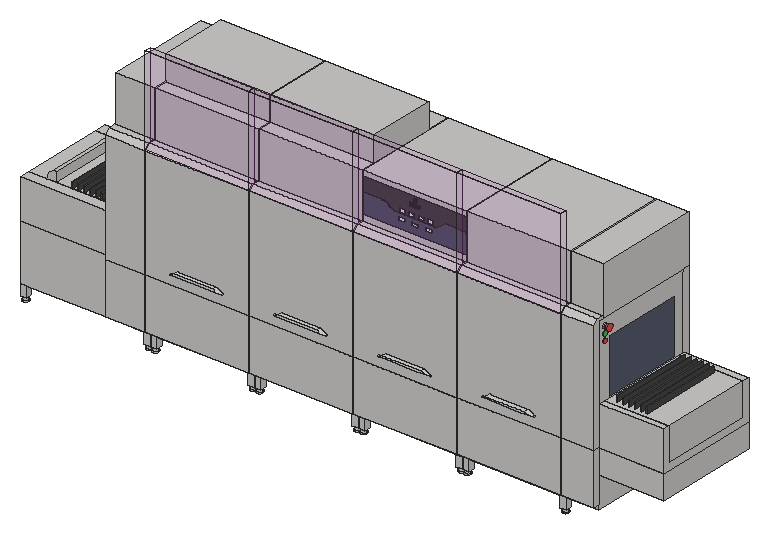
Revit family "QF_ELECTROLUXPROFESSIONAL_520046_EFTD064EL2U1D1M5ER385", category Attrezzature speciali, Revit 2020
Family settings
  Quota connettore circolare = Usa diametro
  Tipo di parte = Normale
  Basato su piano di lavoro = No
  Sempre verticale = Sì
  Taglio con vuoti quando caricato = No
  Condiviso = No
  Punto di calcolo locali = No
Parameters (values of type "Standard")
  Weight = 1158.00 kg
  Watts = 44700 W
  Volts = 380 V
  URL Manufacturer = "https://www.electroluxprofessional.com/"
  URL = "https://www.electroluxprofessional.com/"
  Steam Supply Size = 0 mm
  Steam Supply Minimum Pressure = 0.0 Pa
  Steam Supply Maximum Pressure = 0.0 Pa
  Steam Consumption per Hour = 0
  Show Logo [instance] = yes
  Refrigeration Suction Line Size = 0 mm
  Refrigeration Liquid Line Size = 0 mm
  Refrigerant Compressor Remote = yes
  Prospetto di default = 0 mm
  Produttore = "Electrolux Professional"
  Phase = 3
  Modello = "EFTD064EL2U1D1M5ER385"
  Length Actual = 5150 mm  # constant formula
  Item Number = "520046"
  Hot Water Size = 0 mm
  Height Actual = 1983 mm  # constant formula
  HP = "59.9 HP"
  Gas Size = 0 mm
  Gas KW = 0
  Gas Input Pressure = 0 W
  Direct Waste Size = 50.8 mm
  Descrizione = "FT, 2TANKS, 6400D/H, EL., 950MM LOADING, 1000MM UNLOADING, 1DRYER, 55MM CONVEYOR,ESD,R>L,380V50HZ3P"
  Depth Actual = 946 mm  # constant formula
  Cycle = 50 Hz
  Condensate Return Size = 0 mm
  Compressed Air Volume = 0.0 L/s
  Compressed Air Size = 0 mm
  Compressed Air Pressure = 0.0 Pa
  Cold Water Size = 0 mm
  Accessory = yes
Reference planes
  plane 1 "Centro (Fronte/Retro)": y = 0
  plane 2: z = 0
  plane 3 "Centro (Sinistra/Destra)": x = 0
  plane 4: z = 115
Forms (mm)
  Extrusion 1, solid, material "QF_Finishes_Stainless Steel"
    sketch origin (2282.404, 2, 1806.023) x (1, 0, 0) y (0, 0, 1)
      loop
        line (407.596, -163.023) -> (407.596, -183.023) -> (427.596, -183.023) -> (427.596, -163.023) -> (407.596, -163.023)
    from 0 to 2
  Extrusion 2, solid, material "QF_Finishes_Stainless Steel"
    sketch origin (-5.617, 22.464, 1290.159) x (0, 0, -1) y (0, 1, 0)
      loop
        circle (1102.159, -772.464) r 25
    from -9.383 to 5.617
  Extrusion 3, solid, material "QF_Finishes_Stainless Steel"
    sketch origin (2942.404, 2, 337.984) x (1, 0, 0) y (0, 0, 1)
      loop
        line (407.596, -163.023) -> (407.596, -183.023) -> (427.596, -183.023) -> (427.596, -163.023) -> (407.596, -163.023)
    from 0 to 2
  Extrusion 4, solid, material "QF_Finishes_Stainless Steel"
    sketch origin (347.841, 200.464, 109.383) x (1, 0, 0) y (0, 1, 0)
      loop
        circle (1102.159, -772.464) r 10
    from -9.383 to 5.617
Dimensions and locks
  plane 4 to level = 115 mm
  aligned and locked: level to plane 2
Nested families
  nested 1: "MODULO_CENTER_800_FAN" at (1383.563, -388.258, 0), type "MODULO_CENTER_800_FAN"
    with Show Logo yes, Show Clearance yes, R_L no, L_R yes
  nested 2: "MODULO_CENTER_800_FAN" at (2183.563, -388.258, 0), type "MODULO_CENTER_800_FAN"
    with Show Logo yes, Show Clearance yes, R_L no, L_R yes
  nested 3: "MODULO_CENTER_800" at (2983.563, -388.258, 0), type "MODULO_CENTER_800"
    with Show Logo yes, Show Clearance yes, R_L no, L_R yes
  nested 4: "MODULO_ENTRY_DISH_750" at (4591.437, -523.742, 0) x (-1, 0, 0) z (0, 0, 1), type "MODULO_ENTRY_DISH_750"
    with Show Logo yes, Show Clearance yes, R_L yes, L_R no
  nested 5: "MODULO_USCITA_DISH_1000" at (641.437, -523.742, 0) x (-1, 0, 0) z (0, 0, 1), type "MODULO_USCITA_DISH_1000"
    with Show Logo yes, Show Clearance yes, R_L no, L_R yes
  nested 6: "Piedino_Square_115H" at (23.5, -838.5, 0), type "Piedino_Square_115H"
  nested 7: "Piedino_Square_115H" at (23.5, -73.5, 0), type "Piedino_Square_115H"
  nested 8: "Piedino_Square_115H" at (976.5, -838.5, 0), type "Piedino_Square_115H"
  nested 9: "Piedino_Square_115H" at (976.5, -73.5, 0), type "Piedino_Square_115H"
  nested 10: "Piedino_Square_115H" at (1023.5, -838.5, 0), type "Piedino_Square_115H"
  nested 11: "Piedino_Square_115H" at (1023.5, -73.5, 0), type "Piedino_Square_115H"
  nested 12: "Piedino_Square_115H" at (1776.5, -838.5, 0), type "Piedino_Square_115H"
  nested 13: "Piedino_Square_115H" at (1776.5, -73.5, 0), type "Piedino_Square_115H"
  nested 14: "Piedino_Square_115H" at (1823.5, -838.5, 0) x (-1, 0, 0) z (0, 0, 1), type "Piedino_Square_115H"
  nested 15: "Piedino_Square_115H" at (1823.5, -73.5, 0) x (-1, 0, 0) z (0, 0, 1), type "Piedino_Square_115H"
  nested 16: "Piedino_Square_115H" at (2576.5, -838.5, 0) x (-1, 0, 0) z (0, 0, 1), type "Piedino_Square_115H"
  nested 17: "Piedino_Square_115H" at (2576.5, -73.5, 0) x (-1, 0, 0) z (0, 0, 1), type "Piedino_Square_115H"
  nested 18: "Piedino_Square_115H" at (2623.5, -838.5, 0), type "Piedino_Square_115H"
  nested 19: "Piedino_Square_115H" at (2623.5, -73.5, 0), type "Piedino_Square_115H"
  nested 20: "Piedino_Square_115H" at (3376.5, -838.5, 0), type "Piedino_Square_115H"
  nested 21: "Piedino_Square_115H" at (3376.5, -73.5, 0), type "Piedino_Square_115H"
  nested 22: "MANIGLIA_FLIGHT_400" at (3000, -912, 639.28) x (1, 0, 0) z (0, -1, 0), type "MANIGLIA_FLIGHT_400"
  nested 23: "MANIGLIA_FLIGHT_400" at (2200, -912, 639.28) x (1, 0, 0) z (0, -1, 0), type "MANIGLIA_FLIGHT_400"
  nested 24: "MANIGLIA_FLIGHT_400" at (1400, -912, 639.28) x (1, 0, 0) z (0, -1, 0), type "MANIGLIA_FLIGHT_400"
  nested 25: "MODULO_CENTER_800" at (3816.437, -388.258, 0) x (-1, 0, 0) z (0, 0, 1), type "MODULO_CENTER_800"
    with Show Logo yes, Show Clearance yes, R_L no, L_R yes
  nested 26: "Piedino_Square_115H" at (4176.5, -838.5, 0) x (-1, 0, 0) z (0, 0, 1), type "Piedino_Square_115H"
  nested 27: "Piedino_Square_115H" at (4176.5, -73.5, 0) x (-1, 0, 0) z (0, 0, 1), type "Piedino_Square_115H"
  nested 28: "Piedino_Square_115H" at (3423.5, -838.5, 0) x (-1, 0, 0) z (0, 0, 1), type "Piedino_Square_115H"
  nested 29: "Piedino_Square_115H" at (3423.5, -73.5, 0) x (-1, 0, 0) z (0, 0, 1), type "Piedino_Square_115H"
  nested 30: "MANIGLIA_FLIGHT_400" at (3800, -912, 639.28) x (-1, 0, 0) z (0, -1, 0), type "MANIGLIA_FLIGHT_400"
  nested 31: "Schermo_Flight_800" at (3000, -815, 1594.452) x (1, 0, 0) z (0, -1, 0), type "Schermo_Flight_800"
  nested 32: "ELX_LOGO_WORDS_WHITE" at (3000, -816.6, 1684.452) x (1, 0, 0) z (0, -1, 0), Show Logo <- "Show Logo", visible <- "Show Logo", type "ELX_LOGO_WORDS_WHITE"
    with Show Logo yes
  nested 33: "ELX_LOGO_MONO_SMALL_WHITE" at (2990.08, -816.6, 1670.452) x (-1, 0, 0) z (0, -1, 0), Show Logo <- "Show Logo", visible <- "Show Logo", type "ELX_LOGO_MONO_SMALL_WHITE"
    with Show Logo yes
Connectors
  electrical at (2700, 2, 1633)
    settings: on Extrusion 1, index 69, voltage 0 V, apparent load 0 VA, apparent load phase1 0 VA, apparent load phase2 0 VA, apparent load phase3 0 VA, power factor 1, load classification "Altro", number of poles 1, system type 30, power factor state 1, is connector primary yes, connector utility no, sub classification motor no, connector description "EI"
  piping at (-15, -750, 188), diameter 50
    settings: on Extrusion 2, index 70, connector inside diameter 609.6 mm, connector length 0 mm, flow factor 0, pipe flow 0.0 L/s, pressure drop 0.0 Pa, fitting loss kfactor 0, connector angle 0.00°, fixture units 0, engagement length 0 mm, angle of deflection 0.00°, flow configuration 0, flow direction 0, fitting loss method 0, system type 29, joint type 0, gender type 0, connector reference index -1, connector utility 0, adjustable connector no, is connector primary yes, connector description "D"
  electrical at (3360, 2, 164.961)
    settings: on Extrusion 3, index 71, voltage 0 V, apparent load 0 VA, apparent load phase1 0 VA, apparent load phase2 0 VA, apparent load phase3 0 VA, power factor 1, load classification "Altro", number of poles 1, system type 30, power factor state 1, is connector primary no, connector utility no, sub classification motor no, connector description "EQ"
  piping at (1450, -572, 100), diameter 19.1
    settings: on Extrusion 4, index 72, connector inside diameter 609.6 mm, connector length 0 mm, flow factor 0, pipe flow 0.0 L/s, pressure drop 0.0 Pa, fitting loss kfactor 0, connector angle 0.00°, fixture units 0, engagement length 0 mm, angle of deflection 0.00°, flow configuration 0, flow direction 0, fitting loss method 0, system type 29, joint type 0, gender type 0, connector reference index -1, connector utility 0, adjustable connector no, is connector primary no, connector description "HWI/CWI"
Definition of nested family "MODULO_CENTER_800_FAN"
  Parameters (values of type "MODULO_CENTER_800_FAN")
    URL = "http://professional.electrolux.com"
    Show Logo [instance] = yes
    R_L [instance] = not(L_R)  # no
    Default Elevation = 0 mm
    Manufacturer = "Electrolux"
    Model = "ESR10E5"
    Length Actual = 800 mm
    Show Clearance [instance] = yes
    L_R [instance] = yes
    Height Actual = 1792 mm
    Description = "SINGLE RINSE RT, 100R/H, ELECTRIC 50HZ"
    Depth Actual = 912 mm
  Reference planes
    plane 1 "Center X": y = -67.742
    plane 2: z = 0
    plane 3 "LEFT": x = -383.563
    plane 4 "RIGHT": x = 416.437
    plane 5 "BACK": y = 388.258
    plane 6 "FEET": z = 115
    plane 7: z = 2092
    plane 8 "TOP": z = 1792
    plane 9 "FRONT": y = -523.742
    plane 10 "Left/Right": x = 16.437
    plane 11 "TopVent": z = 1983
  Forms (mm)
    Extrusion 1, solid
      sketch origin (416.437, 479.936, 4000) x (0, 1, 0) y (0, 0, 1)
        loop
          line (-91.678, -2208) -> (-906.678, -2208) -> (-906.678, -2580) -> (-91.678, -2580) -> (-91.678, -2208)
      from -800 to 0
    Extrusion 2, solid
      sketch origin (-383.563, 437.565, 3910) x (0, 1, 0) y (0, 0, 1)
        loop
          line (-99.307, -2490) -> (-911.307, -2490) -> (-911.307, -3552) -> (-99.307, -3552) -> (-99.307, -2490)
      from 800 to 0
    Extrusion 3, solid
      sketch origin (416.437, 479.936, 4299) x (0, 1, 0) y (0, 0, 1)
        loop
          line (-278.21, -2316) -> (-803.678, -2316) -> (-803.678, -2507) -> (-278.21, -2507) -> (-278.21, -2316)
      from -800 to 0
    Extrusion 4, solid
      sketch origin (16.437, 0, 1.5) x (0, 0, 1) y (0, -1, 0)
        loop
          line (356.5, -338.258) -> (356.5, 473.742) -> (113.5, 473.742) -> (113.5, -338.258) -> (356.5, -338.258)
      from 400 to -400
    Extrusion 5, solid
      sketch origin (16.437, 0, 0) x (0, 0, 1) y (0, -1, 0)
        loop
          line (1420, -338.258) -> (545, -338.258) -> (545, -388.258) -> (1420, -388.258) -> (1420, -338.258)
      from -400 to 400
    Extrusion 6, solid
      sketch origin (16.437, 0, 0) x (0, 0, 1) y (0, -1, 0)
        loop
          line (545, -388.258) -> (545, -338.258) -> (154, -338.258) -> (154, -388.258) -> (545, -388.258)
      from -400 to 400
    Extrusion 7, solid
      sketch origin (16.437, -882.484, -150) x (0, -1, 0) y (0, 0, 1)
        loop
          line (-358.742, 304) -> (-358.742, 695) -> (-408.742, 695) -> (-408.742, 304) -> (-358.742, 304)
      from -400 to 400
    Extrusion 8, solid
      sketch origin (16.437, -882.484, -151) x (0, -1, 0) y (0, 0, 1)
        loop
          line (-408.742, 1571) -> (-408.742, 696) -> (-358.742, 696) -> (-358.742, 1556) -> (-395.742, 1593) -> (-443.742, 1593) -> (-443.742, 1571) -> (-408.742, 1571)
      from -400 to 400
    Extrusion 9, solid, visible <- "Show Clearance"
      sketch origin (16.437, -882.484, 452) x (0, -1, 0) y (0, 0, 1)
        loop
          line (-408.742, 1640) -> (-408.742, 953.624) -> (-358.742, 953.624) -> (-358.742, 1640) -> (-408.742, 1640)
      from -400 to 400
  Dimensions and locks
    plane 3 "LEFT" to plane 4 "RIGHT" = 800 mm
    plane 5 "BACK" to plane 1 "Center X" to plane 9 "FRONT" = 456 mm, 456 mm
    plane 6 "FEET" to level = 115 mm  (x2)
    plane 6 "FEET" to plane 8 "TOP" = 1677 mm
    plane 5 "BACK" to plane 9 "FRONT" = 912 mm  (x2)
    plane 4 "RIGHT" to plane 3 "LEFT" = 800 mm
    plane 9 "FRONT" to plane 5 "BACK" = 912 mm
    level to plane 8 "TOP" = 1792 mm  (x2)
    plane 7 to level = 2092 mm
    plane 11 "TopVent" to plane 2 = 1983 mm
    plane 7 to plane 2 = 2092 mm
    Extrusion 2 to level = 1420 mm
    Extrusion 8 to level = 1442 mm
    plane 11 "TopVent" to level = 1983 mm
    aligned and locked: level to plane 2
Definition of nested family "MODULO_CENTER_800"
  Parameters (values of type "MODULO_CENTER_800")
    URL = "http://professional.electrolux.com"
    Show Logo [instance] = yes
    R_L [instance] = not(L_R)  # no
    Default Elevation = 0 mm
    Manufacturer = "Electrolux"
    Model = "ESR10E5"
    Length Actual = 800 mm
    Show Clearance [instance] = yes
    L_R [instance] = yes
    Height Actual = 1792 mm
    Description = "SINGLE RINSE RT, 100R/H, ELECTRIC 50HZ"
    Depth Actual = 912 mm
  Reference planes
    plane 1 "Center X": y = -67.742
    plane 2: z = 0
    plane 3 "LEFT": x = -383.563
    plane 4 "RIGHT": x = 416.437
    plane 5 "BACK": y = 388.258
    plane 6 "FEET": z = 115
    plane 7: z = 2092
    plane 8 "TOP": z = 1792
    plane 9 "FRONT": y = -523.742
    plane 10 "Left/Right": x = 16.437
  Forms (mm)
    Extrusion 1, solid
      sketch origin (416.437, 479.936, 4000) x (0, 1, 0) y (0, 0, 1)
        loop
          line (-91.678, -2208) -> (-906.678, -2208) -> (-906.678, -2580) -> (-91.678, -2580) -> (-91.678, -2208)
      from -800 to 0
    Extrusion 2, solid
      sketch origin (-383.563, 437.565, 3915) x (0, 1, 0) y (0, 0, 1)
        loop
          line (-99.307, -2495) -> (-911.307, -2495) -> (-911.307, -3557) -> (-99.307, -3557) -> (-99.307, -2495)
      from 800 to 0
    Extrusion 3, solid
      sketch origin (16.437, 0, 1.5) x (0, 0, 1) y (0, -1, 0)
        loop
          line (356.5, -338.258) -> (356.5, 473.742) -> (113.5, 473.742) -> (113.5, -338.258) -> (356.5, -338.258)
      from 400 to -400
    Extrusion 4, solid
      sketch origin (16.437, 0, 0) x (0, 0, 1) y (0, -1, 0)
        loop
          line (1420, -338.258) -> (545, -338.258) -> (545, -388.258) -> (1420, -388.258) -> (1420, -338.258)
      from -400 to 400
    Extrusion 5, solid
      sketch origin (16.437, 0, 0) x (0, 0, 1) y (0, -1, 0)
        loop
          line (545, -388.258) -> (545, -338.258) -> (154, -338.258) -> (154, -388.258) -> (545, -388.258)
      from -400 to 400
    Extrusion 6, solid
      sketch origin (16.437, -882.484, -150) x (0, -1, 0) y (0, 0, 1)
        loop
          line (-358.742, 304) -> (-358.742, 695) -> (-408.742, 695) -> (-408.742, 304) -> (-358.742, 304)
      from -400 to 400
    Extrusion 7, solid
      sketch origin (16.437, -882.484, -151) x (0, -1, 0) y (0, 0, 1)
        loop
          line (-408.742, 1571) -> (-408.742, 696) -> (-358.742, 696) -> (-358.742, 1556) -> (-395.742, 1593) -> (-443.742, 1593) -> (-443.742, 1571) -> (-408.742, 1571)
      from -400 to 400
    Extrusion 8, solid, visible <- "Show Clearance"
      sketch origin (16.437, -882.484, 452) x (0, -1, 0) y (0, 0, 1)
        loop
          line (-408.742, 1640) -> (-408.742, 953.624) -> (-358.742, 953.624) -> (-358.742, 1640) -> (-408.742, 1640)
      from -400 to 400
  Dimensions and locks
    plane 3 "LEFT" to plane 4 "RIGHT" = 800 mm
    plane 5 "BACK" to plane 1 "Center X" to plane 9 "FRONT" = 456 mm, 456 mm
    plane 6 "FEET" to level = 115 mm  (x2)
    plane 6 "FEET" to plane 8 "TOP" = 1677 mm
    plane 5 "BACK" to plane 9 "FRONT" = 912 mm  (x2)
    plane 4 "RIGHT" to plane 3 "LEFT" = 800 mm
    plane 9 "FRONT" to plane 5 "BACK" = 912 mm
    level to plane 8 "TOP" = 1792 mm  (x2)
    plane 7 to level = 2092 mm
    plane 7 to plane 2 = 2092 mm
    Extrusion 2 to level = 1420 mm
    Extrusion 7 to level = 1442 mm
    aligned and locked: level to plane 2
Definition of nested family "MODULO_ENTRY_DISH_750"
  Parameters (values of type "MODULO_ENTRY_DISH_750")
    URL = "http://professional.electrolux.com"
    Show Logo [instance] = yes
    R_L [instance] = not(L_R)  # no
    Default Elevation = 0 mm
    Manufacturer = "Electrolux"
    Model = "ESR10E5"
    Length Actual = 800 mm
    Show Clearance [instance] = yes
    L_R [instance] = yes
    Height Actual = 1792 mm
    Description = "SINGLE RINSE RT, 100R/H, ELECTRIC 50HZ"
    Depth Actual = 912 mm
  Reference planes
    plane 1 "Center (Front/Back)": y = -67.742
    plane 2: z = 0
    plane 3 "LEFT": x = -358.563
    plane 4 "RIGHT": x = 391.437
    plane 5 "BACK": y = 388.258
    plane 6 "FRONT": y = -523.742
    plane 7 "Left/Right": x = 16.437
    plane 8 "BUTTONS": y = -427.742
    plane 9: z = 115
    plane 10 "2": y = 292.258
  Forms (mm)
    Extrusion 1, solid, visible <- "L_R"
      sketch origin (391.437, 479.936, 4000) x (0, 1, 0) y (0, 0, 1)
        loop
          line (-91.678, -2208) -> (-906.678, -2208) -> (-906.678, -2580) -> (-91.678, -2580) -> (-91.678, -2208)
      from -250 to 0
    Extrusion 2, solid
      sketch origin (-358.563, 437.565, 3910) x (0, 1, 0) y (0, 0, 1)
        loop
          line (-99.307, -2490) -> (-911.307, -2490) -> (-911.307, -3552) -> (-99.307, -3552) -> (-99.307, -2490)
      from 750 to 500
    Extrusion 3, solid
      sketch origin (-358.563, 437.565, 3910) x (0, 1, 0) y (0, 0, 1)
        loop
          line (-99.307, -3365) -> (-99.307, -3060) -> (-149.307, -3060) -> (-149.307, -3315) -> (-861.307, -3315) -> (-861.307, -3060) -> (-911.307, -3060) -> (-911.307, -3365) -> (-99.307, -3365)
      from 500 to 0
    Extrusion 4, solid
      sketch origin (16.437, 0, -4.987) x (0, 0, 1) y (0, -1, 0)
        loop
          line (362.987, -338.258) -> (362.987, 473.742) -> (119.987, 473.742) -> (119.987, -338.258) -> (362.987, -338.258)
      from 375 to 125
    Extrusion 5, solid, visible <- "L_R"
      sketch origin (16.437, 0, 0) x (0, 0, 1) y (0, -1, 0)
        loop
          line (1420, -338.258) -> (545, -338.258) -> (545, -388.258) -> (1420, -388.258) -> (1420, -338.258)
      from 125 to 375
    Extrusion 6, solid
      sketch origin (16.437, 0, 0) x (0, 0, 1) y (0, -1, 0)
        loop
          line (545, -388.258) -> (545, -338.258) -> (154, -338.258) -> (154, -388.258) -> (545, -388.258)
      from 125 to 375
    Extrusion 7, solid
      sketch origin (-358.563, 437.565, 3607.258) x (0, 1, 0) y (0, 0, 1)
        loop
          line (-99.307, -3249.258) -> (-99.307, -3062.258) -> (-911.307, -3062.258) -> (-911.307, -3249.258) -> (-99.307, -3249.258)
      from 500 to 0
    Extrusion 8, solid
      sketch origin (-358.563, 437.565, 4000) x (0, 1, 0) y (0, 0, 1)
        loop
          line (-149.307, -3150) -> (-861.307, -3150) -> (-861.307, -3405) -> (-149.307, -3405) -> (-149.307, -3150)
      from 0 to 500
    Extrusion 9, solid
      sketch origin (266.437, -882.484, -150) x (0, -1, 0) y (0, 0, 1)
        loop
          line (-358.742, 304) -> (-358.742, 695) -> (-408.742, 695) -> (-408.742, 304) -> (-358.742, 304)
      from -125 to 125
    Extrusion 10, solid, visible <- "L_R"
      sketch origin (266.437, -882.484, -151) x (0, -1, 0) y (0, 0, 1)
        loop
          line (-408.742, 1571) -> (-408.742, 696) -> (-358.742, 696) -> (-358.742, 1556) -> (-395.742, 1593) -> (-443.742, 1593) -> (-443.742, 1571) -> (-408.742, 1571)
      from -125 to 125
    Extrusion 11, solid
      sketch origin (-358.563, 437.565, 4000) x (0, 1, 0) y (0, 0, 1)
        loop
          line (-199.307, -2725.701) -> (-811.307, -2725.701) -> (-811.307, -3137.701) -> (-199.307, -3137.701) -> (-199.307, -2725.701)
      from 495.458 to 500
    Extrusion 12, solid, visible <- "R_L"
      sketch origin (266.437, 747, -151) x (0, 1, 0) y (0, 0, -1)
        loop
          line (-408.742, -1571) -> (-443.742, -1571) -> (-443.742, -1593) -> (-395.742, -1593) -> (-358.742, -1556) -> (-358.742, -696) -> (-408.742, -696) -> (-408.742, -1571)
      from -125 to 125
    Extrusion 13, solid, visible <- "R_L"
      sketch origin (16.437, -135.484, 0) x (0, 0, 1) y (0, -1, 0)
        loop
          line (1420, 338.258) -> (1420, 388.258) -> (545, 388.258) -> (545, 338.258) -> (1420, 338.258)
      from 125 to 375
    Extrusion 14, solid, visible <- "R_L"
      sketch origin (391.437, -615.42, 4000) x (0, -1, 0) y (0, 0, -1)
        loop
          line (-91.678, 2208) -> (-91.678, 2580) -> (-906.678, 2580) -> (-906.678, 2208) -> (-91.678, 2208)
      from -250 to 0
    Extrusion 15, solid
      sketch origin (-191.477, -192.742, -3) x (-1, 0, 0) y (0, 0, 1)
        loop
          line (-26.676, 853) -> (-26.676, 898) -> (-36.676, 898) -> (-36.676, 853) -> (-26.676, 853)
      from -196 to 446
    Extrusion 16, solid
      sketch origin (-146.477, -192.742, -3) x (-1, 0, 0) y (0, 0, 1)
        loop
          line (-26.676, 853) -> (-26.676, 898) -> (-36.676, 898) -> (-36.676, 853) -> (-26.676, 853)
      from -196 to 446
    Extrusion 17, solid
      sketch origin (-101.477, -192.742, -3) x (-1, 0, 0) y (0, 0, 1)
        loop
          line (-26.676, 853) -> (-26.676, 898) -> (-36.676, 898) -> (-36.676, 853) -> (-26.676, 853)
      from -196 to 446
    Extrusion 18, solid
      sketch origin (-56.477, -192.742, -3) x (-1, 0, 0) y (0, 0, 1)
        loop
          line (-26.676, 853) -> (-26.676, 898) -> (-36.676, 898) -> (-36.676, 853) -> (-26.676, 853)
      from -196 to 446
    Extrusion 19, solid
      sketch origin (-11.477, -192.742, -3) x (-1, 0, 0) y (0, 0, 1)
        loop
          line (-26.676, 853) -> (-26.676, 898) -> (-36.676, 898) -> (-36.676, 853) -> (-26.676, 853)
      from -196 to 446
    Extrusion 20, solid
      sketch origin (33.523, -192.742, -3) x (-1, 0, 0) y (0, 0, 1)
        loop
          line (-26.676, 853) -> (-26.676, 898) -> (-36.676, 898) -> (-36.676, 853) -> (-26.676, 853)
      from -196 to 446
  Dimensions and locks
    plane 3 "LEFT" to plane 4 "RIGHT" = 750 mm
    plane 5 "BACK" to plane 1 "Center (Front/Back)" to plane 6 "FRONT" = 456 mm, 456 mm
    plane 5 "BACK" to plane 6 "FRONT" = 912 mm  (x2)
    plane 4 "RIGHT" to plane 3 "LEFT" = 750 mm  (x2)
    plane 6 "FRONT" to plane 5 "BACK" = 912 mm
    plane 9 to level = 115 mm
    Extrusion 1 to level = 1792 mm
    Extrusion 3 to level = 850 mm
    aligned and locked: level to plane 2
  Nested families
    nested 1: "BOTTONE_RED_STOP" at (141.437, -427.742, 1266.906) x (0, -1, 0) z (-1, 0, 0), visible <- "L_R", type "BOTTONE_RED_STOP"
    nested 2: "BOTTONE_EMERGENCY_STOP" at (141.437, -427.742, 1370) x (0, -1, 0) z (-1, 0, 0), visible <- "L_R", type "BOTTONE_EMERGENCY_STOP"
    nested 3: "BOTTONE_GREEN_START" at (141.437, -427.742, 1316.906) x (0, -1, 0) z (-1, 0, 0), visible <- "L_R", type "BOTTONE_GREEN_START"
    nested 4: "BOTTONE_RED_STOP" at (141.437, 292.258, 1267.906) x (0, 1, 0) z (-1, 0, 0), visible <- "R_L", type "BOTTONE_RED_STOP"
    nested 5: "BOTTONE_EMERGENCY_STOP" at (141.437, 292.258, 1371) x (0, 1, 0) z (-1, 0, 0), visible <- "R_L", type "BOTTONE_EMERGENCY_STOP"
    nested 6: "BOTTONE_GREEN_START" at (141.437, 292.258, 1317.906) x (0, 1, 0) z (-1, 0, 0), visible <- "R_L", type "BOTTONE_GREEN_START"
  Definition of nested family "BOTTONE_RED_STOP"
    Parameters (values of type "BOTTONE_RED_STOP")
      Default Elevation = 1219.2 mm
    Reference planes
      plane 1 "Centro (Fronte/Retro)": y = 0
      plane 2: z = 0
      plane 3 "Centro (Sinistra/Destra)": x = 0
    Forms (mm)
      Extrusion 1, solid
        sketch origin (0, 0, 0) x (1, 0, 0) y (0, 1, 0)
          loop
            line (-1219.2, 1219.2) -> (-1219.2, -1219.2) -> (1219.2, -1219.2) -> (1219.2, 1219.2) -> (-1219.2, 1219.2)
        from 0 to -304.8
      Extrusion 2, solid
        sketch origin (-367.513, 69.533, 15) x (-1, 0, 0) y (0, 1, 0)
          loop
            circle (-367.513, -69.533) r 15
        from 0 to 15
    Dimensions and locks
      aligned and locked: plane 2 to Extrusion 1
      aligned and locked: level to Extrusion 1
  Definition of nested family "BOTTONE_EMERGENCY_STOP"
    Parameters
      Default Elevation = 1219.2 mm
    Reference planes
      plane 1 "Centro (Fronte/Retro)": y = 0
      plane 2: z = 0
      plane 3 "Centro (Sinistra/Destra)": x = 0
    Forms (mm)
      Extrusion 1, solid
        sketch origin (0, 0, 0) x (1, 0, 0) y (0, 1, 0)
          loop
            line (-1219.2, 1219.2) -> (-1219.2, -1219.2) -> (1219.2, -1219.2) -> (1219.2, 1219.2) -> (-1219.2, 1219.2)
        from 0 to -304.8
      Extrusion 2, solid
        sketch origin (0, 0, 0) x (1, 0, 0) y (0, 1, 0)
          loop
            circle (0, 0) r 15
        from 0 to 20.273
      Blend 3, solid
        base sketch origin (-49.801, 0, 0) x (1, 0, 0) y (0, 1, 0)
          loop
            circle (49.801, 0) r 15
        top sketch origin (-49.801, 0, 0) x (1, 0, 0) y (0, 1, 0)
          loop
            circle (49.801, 0) r 25
        from 20.273 to 47.605
    Dimensions and locks
      aligned and locked: plane 2 to Extrusion 1
      aligned and locked: level to Extrusion 1
  Definition of nested family "BOTTONE_GREEN_START"
    Parameters (values of type "BOTTONE_GREEN_START")
      Default Elevation = 1219.2 mm
    Reference planes
      plane 1 "Centro (Fronte/Retro)": y = 0
      plane 2: z = 0
      plane 3 "Centro (Sinistra/Destra)": x = 0
    Forms (mm)
      Extrusion 1, solid
        sketch origin (0, 0, 0) x (1, 0, 0) y (0, 1, 0)
          loop
            line (-1219.2, 1219.2) -> (-1219.2, -1219.2) -> (1219.2, -1219.2) -> (1219.2, 1219.2) -> (-1219.2, 1219.2)
        from 0 to -304.8
      Extrusion 2, solid
        sketch origin (-367.513, 69.533, 15) x (-1, 0, 0) y (0, 1, 0)
          loop
            circle (-367.513, -69.533) r 15
        from 0 to 15
    Dimensions and locks
      aligned and locked: plane 2 to Extrusion 1
      aligned and locked: level to Extrusion 1
Definition of nested family "MODULO_USCITA_DISH_1000"
  Parameters (values of type "MODULO_USCITA_DISH_1000")
    URL = "http://professional.electrolux.com"
    Show Logo [instance] = yes
    R_L [instance] = not(L_R)  # yes
    Default Elevation = 0 mm
    Manufacturer = "Electrolux"
    Model = "ESR10E5"
    Length Actual = 800 mm
    Show Clearance [instance] = yes
    L_R [instance] = no
    Height Actual = 1792 mm
    Description = "SINGLE RINSE RT, 100R/H, ELECTRIC 50HZ"
    Depth Actual = 912 mm
  Reference planes
    plane 1 "Center (Front/Back)": y = -67.742
    plane 2: z = 0
    plane 3 "LEFT": x = -358.563
    plane 4 "BACK": y = 388.258
    plane 5 "FEET": z = 115
    plane 6 "TOP": z = 1792
    plane 7 "FRONT": y = -523.742
    plane 8 "Left/Right": x = 16.437
    plane 9: x = -358.563
    plane 10: y = -427.742
    plane 11 "RIGHT": x = 641.437
  Forms (mm)
    Extrusion 1, solid, visible <- "R_L"
      sketch origin (-358.563, 479.936, 4003) x (0, 1, 0) y (0, 0, -1)
        loop
          line (-91.678, 2211) -> (-91.678, 2583) -> (-906.678, 2583) -> (-906.678, 2211) -> (-91.678, 2211)
      from -300 to 0
    Extrusion 2, solid
      sketch origin (-358.563, 437.565, 4003) x (0, 1, 0) y (0, 0, 1)
        loop
          line (-99.307, -3458) -> (-911.307, -3458) -> (-911.307, -3888) -> (-99.307, -3888) -> (-99.307, -3458)
      from 300 to 0
    Extrusion 3, solid
      sketch origin (-358.563, 479.936, 4003) x (0, 1, 0) y (0, 0, -1)
        loop
          line (-141.678, 2583) -> (-141.678, 3458) -> (-953.678, 3458) -> (-953.678, 2583) -> (-141.678, 2583)
      from -300 to 0
    Extrusion 4, solid
      sketch origin (391.437, 437.565, 3913) x (0, 1, 0) y (0, 0, -1)
        loop
          line (-99.307, 3368) -> (-911.307, 3368) -> (-911.307, 3063) -> (-826.307, 3063) -> (-826.307, 3318) -> (-184.307, 3318) -> (-184.307, 3063) -> (-99.307, 3063) -> (-99.307, 3368)
      from 450 to -250
    Extrusion 5, solid, visible <- "R_L"
      sketch origin (16.437, 0, 3) x (0, 0, 1) y (0, 1, 0)
        loop
          line (1417, 338.258) -> (1417, 388.258) -> (542, 388.258) -> (542, 338.258) -> (1417, 338.258)
      from 75 to 375
    Extrusion 6, solid
      sketch origin (16.437, 0, 3) x (0, 0, 1) y (0, 1, 0)
        loop
          line (542, 388.258) -> (151, 388.258) -> (151, 338.258) -> (542, 338.258) -> (542, 388.258)
      from 75 to 375
    Extrusion 7, solid
      sketch origin (391.437, 437.565, 3610.258) x (0, 1, 0) y (0, 0, -1)
        loop
          line (-99.307, 3495.258) -> (-911.307, 3495.258) -> (-911.307, 3065.258) -> (-99.307, 3065.258) -> (-99.307, 3495.258)
      from 450 to -250
    Extrusion 8, solid
      sketch origin (641.437, 0, 3) x (0, 1, 0) y (0, 0, 1)
        loop
          line (253.258, 847) -> (-388.742, 847) -> (-388.742, 592) -> (253.258, 592) -> (253.258, 847)
      from 0 to -700
    Extrusion 9, solid
      sketch origin (-358.563, 437.565, 3928) x (0, 1, 0) y (0, 0, 1)
        loop
          line (-811.307, -3065.701) -> (-199.307, -3065.701) -> (-199.307, -2653.701) -> (-811.307, -2653.701) -> (-811.307, -3065.701)
      from 300 to 304.77
    Extrusion 10, solid
      sketch origin (-208.563, -115, -147) x (0, 1, 0) y (0, 0, 1)
        loop
          line (-358.742, 301) -> (-358.742, 692) -> (-408.742, 692) -> (-408.742, 301) -> (-358.742, 301)
      from -150 to 150
    Extrusion 11, solid, visible <- "R_L"
      sketch origin (-208.563, -882.484, -151) x (0, -1, 0) y (0, 0, 1)
        loop
          line (-408.742, 1571) -> (-408.742, 696) -> (-358.742, 696) -> (-358.742, 1556) -> (-395.742, 1593) -> (-443.742, 1593) -> (-443.742, 1571) -> (-408.742, 1571)
      from -150 to 150
    Extrusion 12, solid
      sketch origin (-39.574, -192.742, -3) x (-1, 0, 0) y (0, 0, 1)
        loop
          line (-26.676, 853) -> (-26.676, 898) -> (-36.676, 898) -> (-36.676, 853) -> (-26.676, 853)
      from -196 to 446
    Extrusion 13, solid
      sketch origin (5.426, -192.742, -3) x (-1, 0, 0) y (0, 0, 1)
        loop
          line (-26.676, 853) -> (-26.676, 898) -> (-36.676, 898) -> (-36.676, 853) -> (-26.676, 853)
      from -196 to 446
    Extrusion 14, solid
      sketch origin (50.426, -192.742, -3) x (-1, 0, 0) y (0, 0, 1)
        loop
          line (-26.676, 853) -> (-26.676, 898) -> (-36.676, 898) -> (-36.676, 853) -> (-26.676, 853)
      from -196 to 446
    Extrusion 15, solid
      sketch origin (95.426, -192.742, -3) x (-1, 0, 0) y (0, 0, 1)
        loop
          line (-26.676, 853) -> (-26.676, 898) -> (-36.676, 898) -> (-36.676, 853) -> (-26.676, 853)
      from -196 to 446
    Extrusion 16, solid
      sketch origin (140.426, -192.742, -3) x (-1, 0, 0) y (0, 0, 1)
        loop
          line (-26.676, 853) -> (-26.676, 898) -> (-36.676, 898) -> (-36.676, 853) -> (-26.676, 853)
      from -196 to 446
    Extrusion 17, solid
      sketch origin (185.426, -192.742, -3) x (-1, 0, 0) y (0, 0, 1)
        loop
          line (-26.676, 853) -> (-26.676, 898) -> (-36.676, 898) -> (-36.676, 853) -> (-26.676, 853)
      from -196 to 446
    Extrusion 18, solid
      sketch origin (230.426, -192.742, -3) x (-1, 0, 0) y (0, 0, 1)
        loop
          line (-26.676, 853) -> (-26.676, 898) -> (-36.676, 898) -> (-36.676, 853) -> (-26.676, 853)
      from -196 to 446
    Extrusion 19, solid
      sketch origin (275.426, -192.742, -3) x (-1, 0, 0) y (0, 0, 1)
        loop
          line (-26.676, 853) -> (-26.676, 898) -> (-36.676, 898) -> (-36.676, 853) -> (-26.676, 853)
      from -196 to 446
    Revolve 20, solid
      sketch origin (0, 0, 850) x (1, 0, 0) y (0, 1, 0)
        loop
          line (430.204, 253.258) -> (430.204, -388.742) -> (502.335, -388.742) -> (502.335, 253.258) -> (430.204, 253.258)
        axis (430.204, 253.258) -> (430.204, -388.742)
      angle from 0 to -90
    Extrusion 21, solid, visible <- "L_R"
      sketch origin (-208.563, 747, -151) x (0, 1, 0) y (0, 0, -1)
        loop
          line (-408.742, -1571) -> (-443.742, -1571) -> (-443.742, -1593) -> (-395.742, -1593) -> (-358.742, -1556) -> (-358.742, -696) -> (-408.742, -696) -> (-408.742, -1571)
      from -150 to 150
    Extrusion 22, solid, visible <- "L_R"
      sketch origin (16.437, -135.484, 3) x (0, 0, 1) y (0, 1, 0)
        loop
          line (1417, -338.258) -> (542, -338.258) -> (542, -388.258) -> (1417, -388.258) -> (1417, -338.258)
      from 75 to 375
    Extrusion 23, solid, visible <- "L_R"
      sketch origin (-358.563, -615.42, 4003) x (0, -1, 0) y (0, 0, 1)
        loop
          line (-91.678, -2211) -> (-906.678, -2211) -> (-906.678, -2583) -> (-91.678, -2583) -> (-91.678, -2211)
      from -300 to 0
  Dimensions and locks
    plane 4 "BACK" to plane 1 "Center (Front/Back)" to plane 7 "FRONT" = 456 mm, 456 mm
    plane 5 "FEET" to level = 115 mm  (x2)
    plane 4 "BACK" to plane 7 "FRONT" = 912 mm  (x2)
    plane 7 "FRONT" to plane 4 "BACK" = 912 mm
    level to plane 6 "TOP" = 1792 mm
    plane 3 "LEFT" to plane 8 "Left/Right" = 375 mm
    plane 8 "Left/Right" to plane 11 "RIGHT" = 625 mm
    plane 3 "LEFT" to plane 11 "RIGHT" = 1000 mm
    plane 9 to plane 11 "RIGHT" = 1000 mm
    plane 6 "TOP" to level = 1792 mm
    aligned and locked: level to plane 2
  Nested families
    nested 1: "BOTTONE_EMERGENCY_STOP" at (-58.563, -427.742, 1369) x (0, -1, 0) z (1, 0, 0), visible <- "R_L", type "BOTTONE_EMERGENCY_STOP"
    nested 2: "BOTTONE_GREEN_START" at (-58.563, -427.742, 1315.906) x (0, -1, 0) z (1, 0, 0), visible <- "R_L", type "BOTTONE_GREEN_START"
    nested 3: "BOTTONE_RED_STOP" at (-58.563, -427.742, 1265.906) x (0, -1, 0) z (1, 0, 0), visible <- "R_L", type "BOTTONE_RED_STOP"
    nested 4: "BOTTONE_EMERGENCY_STOP" at (-58.563, 292.258, 1369) x (0, 1, 0) z (1, 0, 0), visible <- "L_R", type "BOTTONE_EMERGENCY_STOP"
    nested 5: "BOTTONE_GREEN_START" at (-58.563, 292.258, 1315.906) x (0, 1, 0) z (1, 0, 0), visible <- "L_R", type "BOTTONE_GREEN_START"
    nested 6: "BOTTONE_RED_STOP" at (-58.563, 292.258, 1265.906) x (0, 1, 0) z (1, 0, 0), visible <- "L_R", type "BOTTONE_RED_STOP"
  Definition of nested family "BOTTONE_EMERGENCY_STOP"
    Parameters
      Default Elevation = 1219.2 mm
    Reference planes
      plane 1 "Centro (Fronte/Retro)": y = 0
      plane 2: z = 0
      plane 3 "Centro (Sinistra/Destra)": x = 0
    Forms (mm)
      Extrusion 1, solid
        sketch origin (0, 0, 0) x (1, 0, 0) y (0, 1, 0)
          loop
            line (-1219.2, 1219.2) -> (-1219.2, -1219.2) -> (1219.2, -1219.2) -> (1219.2, 1219.2) -> (-1219.2, 1219.2)
        from 0 to -304.8
      Extrusion 2, solid
        sketch origin (0, 0, 0) x (1, 0, 0) y (0, 1, 0)
          loop
            circle (0, 0) r 15
        from 0 to 20.273
      Blend 3, solid
        base sketch origin (-49.801, 0, 0) x (1, 0, 0) y (0, 1, 0)
          loop
            circle (49.801, 0) r 15
        top sketch origin (-49.801, 0, 0) x (1, 0, 0) y (0, 1, 0)
          loop
            circle (49.801, 0) r 25
        from 20.273 to 47.605
    Dimensions and locks
      aligned and locked: plane 2 to Extrusion 1
      aligned and locked: level to Extrusion 1
  Definition of nested family "BOTTONE_GREEN_START"
    Parameters (values of type "BOTTONE_GREEN_START")
      Default Elevation = 1219.2 mm
    Reference planes
      plane 1 "Centro (Fronte/Retro)": y = 0
      plane 2: z = 0
      plane 3 "Centro (Sinistra/Destra)": x = 0
    Forms (mm)
      Extrusion 1, solid
        sketch origin (0, 0, 0) x (1, 0, 0) y (0, 1, 0)
          loop
            line (-1219.2, 1219.2) -> (-1219.2, -1219.2) -> (1219.2, -1219.2) -> (1219.2, 1219.2) -> (-1219.2, 1219.2)
        from 0 to -304.8
      Extrusion 2, solid
        sketch origin (-367.513, 69.533, 15) x (-1, 0, 0) y (0, 1, 0)
          loop
            circle (-367.513, -69.533) r 15
        from 0 to 15
    Dimensions and locks
      aligned and locked: plane 2 to Extrusion 1
      aligned and locked: level to Extrusion 1
  Definition of nested family "BOTTONE_RED_STOP"
    Parameters (values of type "BOTTONE_RED_STOP")
      Default Elevation = 1219.2 mm
    Reference planes
      plane 1 "Centro (Fronte/Retro)": y = 0
      plane 2: z = 0
      plane 3 "Centro (Sinistra/Destra)": x = 0
    Forms (mm)
      Extrusion 1, solid
        sketch origin (0, 0, 0) x (1, 0, 0) y (0, 1, 0)
          loop
            line (-1219.2, 1219.2) -> (-1219.2, -1219.2) -> (1219.2, -1219.2) -> (1219.2, 1219.2) -> (-1219.2, 1219.2)
        from 0 to -304.8
      Extrusion 2, solid
        sketch origin (-367.513, 69.533, 15) x (-1, 0, 0) y (0, 1, 0)
          loop
            circle (-367.513, -69.533) r 15
        from 0 to 15
    Dimensions and locks
      aligned and locked: plane 2 to Extrusion 1
      aligned and locked: level to Extrusion 1
Definition of nested family "Piedino_Square_115H"
  Parameters (values of type "Piedino_Square_115H")
    Default Elevation = 0 mm
  Reference planes
    plane 1 "Centro (Fronte/Retro)": y = 0
    plane 2: z = 0
    plane 3 "Centro (Sinistra/Destra)": x = 0
    plane 4: z = 115
  Forms (mm)
    Extrusion 1, solid
      sketch origin (0, 0, 0) x (1, 0, 0) y (0, 1, 0)
        loop
          circle (0, 0) r 23
      from 0 to 5
    Extrusion 2, solid
      sketch origin (0, 0, 5) x (1, 0, 0) y (0, 1, 0)
        loop
          circle (0, 0) r 20
      from 0 to 25.777
    Extrusion 3, solid
      sketch origin (0, 0, 30.777) x (1, 0, 0) y (0, 1, 0)
        loop
          line (-23.5, 23.5) -> (-23.5, -23.5) -> (23.5, -23.5) -> (23.5, 23.5) -> (-23.5, 23.5)
      from 0 to 84.223
  Dimensions and locks
    plane 4 to level = 115 mm  (x2)
    radius of Extrusion 1 sketch curve = 23 mm
    aligned and locked: level to plane 2
    aligned and locked: Extrusion 1 to level
Definition of nested family "MANIGLIA_FLIGHT_400"
  Parameters
    Default Elevation = 1219.2 mm
  Reference planes
    plane 1 "Centro (Fronte/Retro)": y = 0
    plane 2: z = 0
    plane 3 "Centro (Sinistra/Destra)": x = 0
  Forms (mm)
    Extrusion 1, solid
      sketch origin (0, 0, 0) x (1, 0, 0) y (0, 1, 0)
        loop
          line (-1219.2, 1219.2) -> (-1219.2, -1219.2) -> (1219.2, -1219.2) -> (1219.2, 1219.2) -> (-1219.2, 1219.2)
      from 0 to -304.8
    Extrusion 2, solid
      sketch origin (-503, 656.113, -50) x (-1, 0, 0) y (0, 1, 0)
        loop
          line (-651.038, -638.613) -> (-703, -668.613) -> (-703, -673.613) -> (-658.503, -673.613) -> (-623.862, -653.613) -> (-382.138, -653.613) -> (-347.497, -673.613) -> (-303, -673.613) -> (-303, -668.613) -> (-354.962, -638.613) -> (-651.038, -638.613)
      from -86.258 to -50
    Extrusion 3, void
      sketch origin (0, -681.887, 358.742) x (0, 0, 1) y (0, 1, 0)
        loop
          line (-322.484, 684.387) -> (-353.281, 664.387) -> (-322.484, 664.387) -> (-322.484, 684.387)
      from -200 to 200
  Cuts and joins
    Extrusion 3 cuts Extrusion 2
  Dimensions and locks
    cut or joined group of Extrusion 2, Extrusion 3 to cut or joined group of Extrusion 2, Extrusion 3 = 400 mm
    cut or joined group of Extrusion 2, Extrusion 3 to cut or joined group of Extrusion 2, Extrusion 3 = 35 mm
    aligned and locked: plane 2 to Extrusion 1
    aligned and locked: level to Extrusion 1
Definition of nested family "Schermo_Flight_800"
  Parameters (values of type "Schermo_Flight_800")
    Default Elevation = 1219.2 mm
  Reference planes
    plane 1 "Center (Front/Back)": y = 0
    plane 2: z = 0
    plane 3 "Center (Left/Right)": x = 0
  Forms (mm)
    Extrusion 1, solid
      sketch origin (0, 0, 0) x (1, 0, 0) y (0, 1, 0)
        loop
          line (-1219.2, 1219.2) -> (-1219.2, -1219.2) -> (1219.2, -1219.2) -> (1219.2, 1219.2) -> (-1219.2, 1219.2)
      from 0 to -304.8
    Extrusion 2, solid
      sketch origin (0, -25, 0) x (1, 0, 0) y (0, 1, 0)
        loop
          line (-400, -82.94) -> (400, -82.94) -> (400, 70.507) -> (238.561, 70.507) -> (167.154, 20.507) -> (-167.154, 20.507) -> (-238.561, 70.507) -> (-400, 70.507) -> (-400, -82.94)
        loop
          line (-126.915, -7.668) -> (-126.915, -27.668) -> (-81.915, -27.668) -> (-81.915, -7.668) -> (-126.915, -7.668)
        loop
          line (-22.5, -7.668) -> (-22.5, -27.668) -> (22.5, -27.668) -> (22.5, -7.668) -> (-22.5, -7.668)
        loop
          line (126.915, -7.668) -> (81.915, -7.668) -> (81.915, -27.668) -> (126.915, -27.668) -> (126.915, -7.668)
      from 0 to 1.6
    Extrusion 3, solid
      sketch origin (0, -25, 0) x (1, 0, 0) y (0, 1, 0)
        loop
          line (-400, 177.06) -> (-400, 70.507) -> (-238.561, 70.507) -> (-167.154, 20.507) -> (167.154, 20.507) -> (238.561, 70.507) -> (400, 70.507) -> (400, 177.06) -> (-400, 177.06)
        loop
          line (-117.417, 56.68) -> (-117.417, 31.68) -> (-77.417, 31.68) -> (-77.417, 56.68) -> (-117.417, 56.68)
        loop
          line (-47.417, 56.68) -> (-47.417, 31.68) -> (-7.417, 31.68) -> (-7.417, 56.68) -> (-47.417, 56.68)
        loop
          line (27.583, 56.68) -> (27.583, 31.68) -> (67.583, 31.68) -> (67.583, 56.68) -> (27.583, 56.68)
        loop
          line (97.583, 56.68) -> (97.583, 31.68) -> (137.583, 31.68) -> (137.583, 56.68) -> (97.583, 56.68)
      from 0 to 1.6
    Extrusion 4, solid
      sketch origin (0, 0, 0) x (1, 0, 0) y (0, 1, 0)
        loop
          line (-117.417, 31.68) -> (-117.417, 6.68) -> (-77.417, 6.68) -> (-77.417, 31.68) -> (-117.417, 31.68)
        loop
          line (-47.417, 31.68) -> (-47.417, 6.68) -> (-7.417, 6.68) -> (-7.417, 31.68) -> (-47.417, 31.68)
        loop
          line (27.583, 31.68) -> (27.583, 6.68) -> (67.583, 6.68) -> (67.583, 31.68) -> (27.583, 31.68)
        loop
          line (97.583, 31.68) -> (97.583, 6.68) -> (137.583, 6.68) -> (137.583, 31.68) -> (97.583, 31.68)
        loop
          line (-126.915, -32.668) -> (-126.915, -52.668) -> (-81.915, -52.668) -> (-81.915, -32.668) -> (-126.915, -32.668)
        loop
          line (-22.5, -32.668) -> (-22.5, -52.668) -> (22.5, -52.668) -> (22.5, -32.668) -> (-22.5, -32.668)
        loop
          line (81.915, -32.668) -> (81.915, -52.668) -> (126.915, -52.668) -> (126.915, -32.668) -> (81.915, -32.668)
      from 0 to 1.6
  Dimensions and locks
    Extrusion 3 to Extrusion 3 = 800 mm
    Extrusion 2 to Extrusion 3 = 260 mm
    aligned and locked: plane 2 to Extrusion 1
    aligned and locked: level to Extrusion 1
Definition of nested family "ELX_LOGO_WORDS_WHITE"
  Parameters (values of type "ELX_LOGO_WORDS_WHITE")
    Show Logo [instance] = yes
    Default Elevation = 0 mm
  Reference planes
    plane 1 "Centro (Fronte/Retro)": y = 0
    plane 2: z = 0
    plane 3 "Centro (Sinistra/Destra)": x = 0
  Forms (mm)
    Extrusion 1, solid
      sketch origin (0, 0, 0) x (1, 0, 0) y (0, 1, 0)
        loop
          line (-1219.2, 1219.2) -> (-1219.2, -1219.2) -> (1219.2, -1219.2) -> (1219.2, 1219.2) -> (-1219.2, 1219.2)
      from 0 to -304.8
    Extrusion 2, solid, visible <- "Show Logo"
      sketch origin (0, 0, 0) x (1, 0, 0) y (0, 1, 0)
        loop
          line (-30.234, 10.561) -> (-37.67, 10.561) -> (-37.67, 1.902)
          arc (-37.67, 1.902) -> (-36.691, -0.461) -> (-34.329, -1.439) r 3.341
          line (-34.329, -1.439) -> (-30.09, -1.439) -> (-30.09, 0.503) -> (-33.845, 0.503)
          arc (-33.845, 0.503) -> (-35.079, 0.92) -> (-35.604, 2.112) r 1.615
          line (-35.604, 2.112) -> (-35.604, 3.829) -> (-30.555, 3.829) -> (-30.555, 5.779) -> (-35.604, 5.779) -> (-35.604, 8.617) -> (-30.234, 8.617) -> (-30.234, 10.561)
        loop
          line (-28.622, 10.561) -> (-28.622, -1.439) -> (-26.555, -1.439) -> (-26.555, 10.561) -> (-28.622, 10.561)
        loop
          line (16.27, 10.561) -> (16.27, -1.439) -> (18.338, -1.439) -> (18.338, 10.561) -> (16.27, 10.561)
        loop
          line (-23.137, 2.393) -> (-16.354, 2.393)
          arc (-16.354, 2.393) -> (-17.415, 6.119) -> (-21.043, 7.478) r 4.298
          arc (-21.043, 7.478) -> (-24.239, 5.857) -> (-25.151, 2.393) r 4.373
          arc (-25.151, 2.393) -> (-23.951, -0.505) -> (-21.053, -1.705) r 4.097
          arc (-21.053, -1.705) -> (-18.799, -1.372) -> (-16.908, -0.099) r 5.15
          line (-16.908, -0.099) -> (-18.133, 1.125)
          arc (-18.133, 1.125) -> (-19.74, 0.161) -> (-21.607, 0.323) r 3.039
          arc (-21.607, 0.323) -> (-22.746, 1.081) -> (-23.137, 2.393) r 2.013
        loop
          line (-23.085, 3.846) -> (-18.431, 3.846)
          arc (-18.431, 3.846) -> (-19.084, 5.22) -> (-20.519, 5.727) r 1.983
          arc (-20.519, 5.727) -> (-22.175, 5.295) -> (-23.085, 3.846) r 2.321
        loop
          line (-8.297, 4.711) -> (-6.999, 6.009)
          arc (-6.999, 6.009) -> (-8.627, 7.187) -> (-10.604, 7.539) r 4.497
          arc (-10.604, 7.539) -> (-13.621, 6.437) -> (-15.204, 3.642) r 4.652
          arc (-15.204, 3.642) -> (-12.536, -1.257) -> (-7.072, -0.127) r 4.684
          line (-7.072, -0.127) -> (-8.363, 1.163)
          arc (-8.363, 1.163) -> (-11.149, 0.242) -> (-13.145, 2.393) r 2.714
          arc (-13.145, 2.393) -> (-13.006, 4.094) -> (-11.835, 5.335) r 2.578
          arc (-11.835, 5.335) -> (-9.96, 5.621) -> (-8.297, 4.711) r 2.961
        loop
          line (-5.73, 10.561) -> (-5.73, 2.36)
          arc (-5.73, 2.36) -> (-5.551, 1.13) -> (-5.09, -0.025) r 5.301
          arc (-5.09, -0.025) -> (-3.615, -1.198) -> (-1.746, -1.445) r 3.531
          line (-1.746, -1.445) -> (-1.746, 0.492)
          arc (-1.746, 0.492) -> (-2.302, 0.534) -> (-2.82, 0.74) r 1.862
          arc (-2.82, 0.74) -> (-3.484, 1.442) -> (-3.662, 2.393) r 1.713
          line (-3.662, 2.393) -> (-3.662, 5.362) -> (-1.785, 5.362) -> (-1.785, 7.24) -> (-3.662, 7.24) -> (-3.662, 10.561) -> (-5.73, 10.561)
        loop
          arc (2.004, 3.123) -> (2.152, 3.988) -> (2.578, 4.755) r 2.607
          arc (2.578, 4.755) -> (3.817, 5.391) -> (5.208, 5.362) r 2.84
          line (5.208, 5.362) -> (5.208, 7.349)
          arc (5.208, 7.349) -> (3.39, 7.177) -> (2.004, 5.989) r 3.016
          line (2.004, 5.989) -> (2.004, 7.24) -> (-0.046, 7.24) -> (-0.046, -1.439) -> (2.004, -1.439) -> (2.004, 3.123)
        loop
          circle (10.262, 2.899) r 4.599
        loop
          circle (10.262, 2.899) r 2.787
        loop
          arc (25.793, 2.175) -> (25.283, 0.772) -> (23.898, 0.213) r 1.835
          arc (23.898, 0.213) -> (22.514, 0.772) -> (22.004, 2.175) r 1.835
          line (22.004, 2.175) -> (22.004, 7.24) -> (19.919, 7.24) -> (19.919, 2.003)
          arc (19.919, 2.003) -> (21.105, -0.701) -> (23.898, -1.659) r 3.675
          arc (23.898, -1.659) -> (26.723, -0.672) -> (27.877, 2.088) r 3.675
          line (27.877, 2.088) -> (27.877, 7.24) -> (25.793, 7.24) -> (25.793, 2.175)
        loop
          line (29.126, 7.24) -> (32.128, 3.164) -> (28.83, -1.442) -> (31.052, -1.442) -> (33.241, 1.615) -> (35.462, -1.442) -> (37.67, -1.442) -> (34.419, 3.211) -> (37.392, 7.24) -> (35.135, 7.24) -> (33.234, 4.663) -> (31.362, 7.24) -> (29.126, 7.24)
        loop
          line (-35.875, -6.414) -> (-37.523, -6.414) -> (-37.523, -10.564) -> (-36.621, -10.564) -> (-36.621, -9.135) -> (-35.625, -9.135)
          arc (-35.625, -9.135) -> (-34.509, -7.66) -> (-35.875, -6.414) r 1.372
        loop
          arc (-35.664, -8.32) -> (-35.322, -7.786) -> (-35.664, -7.253) r 0.587
          line (-35.664, -7.253) -> (-36.621, -7.253) -> (-36.621, -8.32) -> (-35.664, -8.32)
        loop
          line (-29.363, -6.414) -> (-31.04, -6.414) -> (-31.04, -10.564) -> (-30.138, -10.564) -> (-30.138, -9.135) -> (-29.265, -9.135) -> (-28.669, -10.564) -> (-27.7, -10.564) -> (-28.516, -8.814)
          arc (-28.516, -8.814) -> (-28.125, -8.347) -> (-27.994, -7.752) r 1.281
          arc (-27.994, -7.752) -> (-28.406, -6.804) -> (-29.363, -6.414) r 1.37
        loop
          line (-30.138, -7.253) -> (-30.138, -8.32) -> (-29.18, -8.32)
          arc (-29.18, -8.32) -> (-28.839, -7.786) -> (-29.18, -7.253) r 0.587
          line (-29.18, -7.253) -> (-30.138, -7.253)
        loop
          circle (-22.402, -8.489) r 2.156
        loop
          circle (-22.402, -8.489) r 1.368
        loop
          line (-16.703, -6.414) -> (-16.703, -10.564) -> (-15.823, -10.564) -> (-15.823, -9.114) -> (-14.261, -9.114) -> (-14.261, -8.184) -> (-15.823, -8.184) -> (-15.823, -7.308) -> (-14.111, -7.308) -> (-14.111, -6.414) -> (-16.703, -6.414)
        loop
          line (-10.611, -6.414) -> (-10.611, -9.216)
          arc (-10.611, -9.216) -> (-10.229, -10.166) -> (-9.284, -10.561) r 1.327
          line (-9.284, -10.561) -> (-7.945, -10.561) -> (-7.945, -9.777) -> (-9.204, -9.777)
          arc (-9.204, -9.777) -> (-9.668, -9.394) -> (-9.759, -8.799) r 0.845
          line (-9.759, -8.799) -> (-8.1, -8.799) -> (-8.1, -8.015) -> (-9.759, -8.015) -> (-9.759, -7.198) -> (-7.985, -7.198) -> (-7.985, -6.414) -> (-10.611, -6.414)
        loop
          arc (4.417, -6.94) -> (3.867, -6.489) -> (3.171, -6.345) r 1.485
          arc (3.171, -6.345) -> (2.528, -6.503) -> (2, -6.902) r 1.645
          arc (2, -6.902) -> (1.902, -7.844) -> (2.51, -8.571) r 1.217
          arc (2.51, -8.571) -> (3.021, -8.741) -> (3.506, -8.976) r 4.201
          arc (3.506, -8.976) -> (3.812, -9.337) -> (3.601, -9.761) r 0.43
          arc (3.601, -9.761) -> (3.209, -9.853) -> (2.819, -9.754) r 0.846
          arc (2.819, -9.754) -> (2.482, -9.511) -> (2.275, -9.15) r 0.983
          line (2.275, -9.15) -> (1.549, -9.489)
          arc (1.549, -9.489) -> (1.811, -9.993) -> (2.232, -10.374) r 1.595
          arc (2.232, -10.374) -> (2.71, -10.578) -> (3.227, -10.63) r 1.719
          arc (3.227, -10.63) -> (3.867, -10.503) -> (4.442, -10.197) r 2.246
          arc (4.442, -10.197) -> (4.697, -9.52) -> (4.566, -8.81) r 1.349
          arc (4.566, -8.81) -> (4.282, -8.482) -> (3.919, -8.245) r 1.564
          arc (3.919, -8.245) -> (3.46, -8.04) -> (2.99, -7.864) r 8.236
          arc (2.99, -7.864) -> (2.718, -7.441) -> (3.111, -7.128) r 0.375
          arc (3.111, -7.128) -> (3.581, -7.241) -> (3.943, -7.563) r 0.998
          line (3.943, -7.563) -> (4.417, -6.94)
        loop
          line (8.225, -6.414) -> (8.225, -10.561) -> (9.077, -10.561) -> (9.077, -6.414) -> (8.225, -6.414)
        loop
          circle (14.827, -8.488) r 1.29
        loop
          circle (14.827, -8.488) r 2.154
        loop
          line (20.548, -10.561) -> (21.409, -10.561) -> (21.409, -7.954) -> (23.306, -10.561) -> (24.135, -10.561) -> (24.135, -6.414) -> (23.274, -6.414) -> (23.274, -9.101) -> (21.377, -6.414) -> (20.548, -6.414) -> (20.548, -10.561)
        loop
          line (28.435, -10.561) -> (28.839, -9.667) -> (30.373, -9.667) -> (30.777, -10.561) -> (31.693, -10.561) -> (29.942, -6.414) -> (29.142, -6.414) -> (27.519, -10.561) -> (28.435, -10.561)
        loop
          line (29.99, -8.816) -> (29.579, -7.905) -> (29.18, -8.816) -> (29.99, -8.816)
        loop
          line (35.929, -9.777) -> (35.929, -6.414) -> (35.076, -6.414) -> (35.076, -10.561) -> (37.523, -10.561) -> (37.523, -9.777) -> (35.929, -9.777)
        loop
          arc (-1.8, -6.94) -> (-2.35, -6.489) -> (-3.046, -6.345) r 1.485
          arc (-3.046, -6.345) -> (-3.689, -6.503) -> (-4.218, -6.902) r 1.645
          arc (-4.218, -6.902) -> (-4.316, -7.844) -> (-3.708, -8.571) r 1.217
          arc (-3.708, -8.571) -> (-3.197, -8.741) -> (-2.712, -8.976) r 4.201
          arc (-2.712, -8.976) -> (-2.405, -9.337) -> (-2.616, -9.761) r 0.43
          arc (-2.616, -9.761) -> (-3.008, -9.853) -> (-3.399, -9.754) r 0.846
          arc (-3.399, -9.754) -> (-3.736, -9.511) -> (-3.942, -9.15) r 0.983
          line (-3.942, -9.15) -> (-4.668, -9.489)
          arc (-4.668, -9.489) -> (-4.407, -9.993) -> (-3.985, -10.374) r 1.595
          arc (-3.985, -10.374) -> (-3.507, -10.578) -> (-2.99, -10.63) r 1.719
          arc (-2.99, -10.63) -> (-2.351, -10.503) -> (-1.775, -10.197) r 2.246
          arc (-1.775, -10.197) -> (-1.521, -9.52) -> (-1.652, -8.81) r 1.349
          arc (-1.652, -8.81) -> (-1.936, -8.482) -> (-2.298, -8.245) r 1.564
          arc (-2.298, -8.245) -> (-2.757, -8.04) -> (-3.228, -7.864) r 8.236
          arc (-3.228, -7.864) -> (-3.5, -7.441) -> (-3.107, -7.128) r 0.375
          arc (-3.107, -7.128) -> (-2.636, -7.241) -> (-2.274, -7.563) r 0.998
          line (-2.274, -7.563) -> (-1.8, -6.94)
      from 0 to 1.644
  Dimensions and locks
    aligned and locked: plane 2 to Extrusion 1
    aligned and locked: level to Extrusion 1
Definition of nested family "ELX_LOGO_MONO_SMALL_WHITE"
  Parameters (values of type "ELX_LOGO_MONO_SMALL_WHITE")
    Show Logo [instance] = yes
    Default Elevation = 1219.2 mm
  Reference planes
    plane 1 "Center (Front/Back)": y = -49
    plane 2: z = 0
    plane 3 "Center (Left/Right)": x = -9.92
  Forms (mm)
    Extrusion 1, solid
      sketch origin (0, 0, 0) x (1, 0, 0) y (0, 1, 0)
        loop
          line (-1219.2, 1219.2) -> (-1219.2, -1219.2) -> (1219.2, -1219.2) -> (1219.2, 1219.2) -> (-1219.2, 1219.2)
      from 0 to -304.8
    Extrusion 2, solid, visible <- "Show Logo"
      sketch origin (84.462, 509.781, 0) x (1, 0, 0) y (0, 1, 0)
        loop
          line (-97.736, -569.727) -> (-97.736, -547.891)
          arc (-97.736, -547.891) -> (-105.808, -558.809) -> (-97.736, -569.727) r 11.42
        loop
          arc (-96.625, -569.727) -> (-87.544, -567.663) -> (-83.169, -559.442) r 11.191
          line (-83.169, -559.442) -> (-86.782, -559.442)
          arc (-86.782, -559.442) -> (-93.235, -562.062) -> (-96.625, -568.146) r 10.49
          line (-96.625, -568.146) -> (-96.625, -569.727)
        loop
          arc (-96.625, -549.472) -> (-93.235, -555.557) -> (-86.782, -558.176) r 10.49
          line (-86.782, -558.176) -> (-83.169, -558.176)
          arc (-83.169, -558.176) -> (-87.537, -549.888) -> (-96.625, -547.611) r 11.484
          line (-96.625, -547.611) -> (-96.625, -549.472)
        loop
          line (-82.34, -570.919) -> (-82.34, -546.65) -> (-106.642, -546.65) -> (-106.642, -570.919) -> (-82.34, -570.919)
      from 0 to 1.644
  Dimensions and locks
    aligned and locked: plane 2 to Extrusion 1
    aligned and locked: level to Extrusion 1
